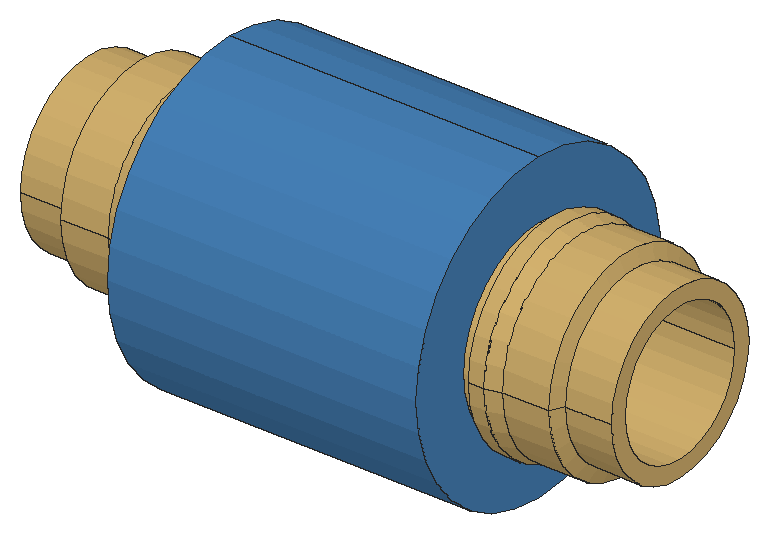
Revit family "qqqq", category Pipe Accessories, Revit 2018
Family settings
  Round Connector Dimension = Use Diameter
  Part Type = Valve - Breaks Into
  OmniClass Number = 23.27.43.00
  OmniClass Title = Pipe Fittings
  Work Plane-Based = No
  Always vertical = Yes
  Cut with Voids When Loaded = No
  Shared = No
Parameters (values of type "D 63")
  Product Material = AIGNEP - Brass - Yellow
  Nominal Diameter = 63.000 mm
  QR code = "https://www.bimobject.com/aignep/product/pneumatic-axial-valve-90740"
  Product url = "https://www.aignep.com/eng/Pipe-fittings-INFINITY/Air-Pipeline-INFINITY-Series/PNEUMATIC-AXIAL-VALVE"
  Product name = "Pneumatic Axial Valve - 90740"
  Product group = "Valves"
  Product family = "INFINITY"
  Product certification = "https://www.aignep.com/eng/Certificazioni/FREE-OF-SILICON"
  Product SKU = "Pneumatic-Axial-Valve-90740"
  OmniClass Description = "Pipe Fittings"
  OmniClass Code = "23-27 43 00"
  Material main = "Aluminium"
  Manufacturer name = "Aignep Spa"
  Manufacturer country = "Italy"
  IFC Classification = "Pipe Fitting"
  F = size_lookup(Lookup Table Name, "F", 0.000 mm, Nominal Diameter)  # 140.300 mm
  E = size_lookup(Lookup Table Name, "E", 0.000 mm, Nominal Diameter)  # 94.000 mm
  Design country = "Italy"
  Description = "Pneumatic axial valve"  # constant formula
  URL = "https://www.aignep.com/"
  Tick Size = Nominal Diameter * 0.8  # 50.400 mm
  Product data url = "https://www.bimobject.com/aignep/product/pneumatic-axial-valve-90740"
  Product Guid = "a1df13ec-476c-4914-803c-121645f64a07"
  Model = "90740"  # constant formula
  Manufacturer = "Aignep Spa"  # constant formula
  Lookup Table Name = "Pneumatic Axial Valve - 90740"
  Keynote = "15410"
  Edition number = 1
  D2 = size_lookup(Lookup Table Name, "D2", 0.000 mm, Nominal Diameter)  # 21.200 mm
  D1 = size_lookup(Lookup Table Name, "D1", 0.000 mm, Nominal Diameter)  # 5.770 mm
  C = size_lookup(Lookup Table Name, "C", 0.000 mm, Nominal Diameter)  # 139.000 mm
  BIMobject category = "Joints"
  B = size_lookup(Lookup Table Name, "B", 0.000 mm, Nominal Diameter)  # 57.500 mm
  A = size_lookup(Lookup Table Name, "A", 0.000 mm, Nominal Diameter)  # 269.000 mm
  Assembly Code = "D2040100"
  Article Code [instance] = size_lookup(Lookup Table Name, "", "", Nominal Diameter)  # "90740 00 006"
Types (5, lengths in mm): name | Nominal Diameter | F | E | Tick Size | D2 | D1 | C | B | A | Article Code
  (no name) | 63.000 | 140.300 | 94.000 | 50.400 | 21.200 | 5.770 | 139.000 | 57.500 | 269.000 | "90740 00 006"
  D 32 | 32.000 | 92.600 | 52.000 | 25.600 | 7.000 | 6.200 | 89.000 | 46.000 | 198.000 | "90740 00 003"
  D 40 | 40.000 | 92.600 | 63.000 | 32.000 | 9.700 | 4.700 | 89.000 | 52.000 | 208.000 | "90740 00 004"
  D 50 | 50.000 | 110.000 | 73.000 | 40.000 | 14.000 | 6.500 | 109.000 | 63.500 | 249.000 | "90740 00 005"
  D 63 | 63.000 | 140.300 | 94.000 | 50.400 | 21.200 | 5.770 | 139.000 | 57.500 | 269.000 | "90740 00 006"
Reference planes
  plane 1 "Center (Front/Back)": y = 0
  plane 2: z = 0
  plane 3 "Center (Left/Right)": x = 0
  plane 4: x = -134.5
  plane 5: x = 134.5
  plane 6: x = -70.15
  plane 7: x = 70.15
  plane 8: z = 47
  plane 9: z = -47
  plane 10: z = 31.5
  plane 11: z = -31.5
  plane 12: x = -113.3
  plane 13: x = 113.3
Forms (mm)
  Sweep 1, solid, material "AIGNEP - Brass - Yellow" <- "Product Material", detail levels fine
    path origin (-0.566, -66.675, -78.003) x (0, -1, 0) y (0, 0, 1)
      loop
        circle (-66.675, 78.003) r 47
    profile origin (-0.566, 0, 47) x (0, 0, -1) y (-1, 0, 0)
      loop
        line (15.5, 133.934) -> (8.1, 133.934) -> (8.1, 112.734) -> (1.796, 110.422) -> (1.796, 89.155) -> (0, 82.452) -> (0, 75.354) -> (15.5, 75.354) -> (15.5, 133.934)
  Sweep 2, solid, material "AIGNEP - Steel - Blue", detail levels fine
    path origin (0, 0, 0) x (1, 0, 0) y (0, 0, 1)
      loop
        line (-70.15, 0) -> (70.15, 0)
    profile origin (0, 0, 0) x (0, 0, 1) y (0, -1, 0)
      loop
        circle (0, 0) r 69.5
  Revolve 3, solid, material "AIGNEP - Brass - Yellow" <- "Product Material", detail levels fine
    sketch origin (0, 0, 0) x (1, 0, 0) y (0, 0, 1)
      loop
        line (-70.15, 0) -> (-70.15, 42.992) -> (-75.92, 42.992) -> (-75.92, 0) -> (-70.15, 0)
      axis (-75.92, 0) -> (-70.15, 0)
    angle from 0 to 360
  Revolve 4, solid, material "AIGNEP - Brass - Yellow" <- "Product Material", detail levels fine
    sketch origin (0, 0, 0) x (-1, 0, 0) y (0, 0, 1)
      loop
        line (-70.15, 0) -> (-70.15, 42.992) -> (-75.92, 42.992) -> (-75.92, 0) -> (-70.15, 0)
      axis (-75.92, 0) -> (-70.15, 0)
    angle from 0 to 360
  Sweep 5, solid, material "AIGNEP - Brass - Yellow" <- "Product Material", detail levels fine
    path origin (0.566, -66.675, -78.003) x (0, -1, 0) y (0, 0, -1)
      loop
        circle (-66.675, -78.003) r 47
    profile origin (0.566, 0, 47) x (0, 0, 1) y (1, 0, 0)
      loop
        line (-15.5, 133.934) -> (-15.5, 75.354) -> (0, 75.354) -> (0, 82.452) -> (-1.796, 89.155) -> (-1.796, 110.422) -> (-8.1, 112.734) -> (-8.1, 133.934) -> (-15.5, 133.934)
  Sweep 6, solid, material "AIGNEP - Brass - Yellow" <- "Product Material", not visible, detail levels fine
    path origin (0, 0, 0) x (1, 0, 0) y (0, 0, 1)
      loop
        line (-77, 0) -> (77, 0)
    profile origin (0, 0, 0) x (0, 0, 1) y (0, -1, 0)
      loop
        circle (0, 0) r 10
Lines and regions (mm)
  model lines, detail levels coarse+medium
    curve 1: line (-77, 50.4, 0) -> (-77, -50.4, 0)
    curve 2: line (77, 50.4, 0) -> (77, -50.4, 0)
    curve 3: line (-77, 50.4, 0) -> (77, -50.4, 0)
    curve 4: line (77, 50.4, 0) -> (-77, -50.4, 0)
Dimensions and locks
  equal spacing: plane 5, plane 3 "Center (Left/Right)", plane 4
  "A": plane 5 to plane 4
  equal spacing: plane 7, plane 3 "Center (Left/Right)", plane 6
  "F": plane 7 to plane 6
  equal spacing: plane 8, plane 2, plane 9
  "E": plane 8 to plane 9
  "D1": plane 6 to Revolve 3 sketch curve
  locked: plane 8 to Revolve 3 sketch curve at 4.008
  locked: plane 8 to Revolve 4 sketch curve at 4.008
  "D1": Revolve 4 sketch curve to Sweep 2
  "D1": plane 6 to Sweep 1 sketch curve
  equal spacing: plane 10, plane 2, plane 11
  "Nominal Diameter": plane 10 to plane 11
  "D2": plane 12 to plane 4
  locked: Sweep 1 sketch curve to plane 12 at 2.313
  locked: plane 8 to Sweep 1 sketch curve at 1.796
  Sweep 1 sketch curve to Sweep 1 sketch curve to Sweep 1 sketch curve = 6.703 mm locked, 7.098 mm locked
  Sweep 5 sketch curve to Sweep 5 sketch curve to Sweep 5 sketch curve = 6.703 mm locked, 7.098 mm locked
  "D1": plane 7 to Sweep 5 sketch curve
  "D2": plane 5 to plane 13
  locked: plane 8 to Sweep 5 sketch curve at 1.796
  locked: plane 13 to Sweep 5 sketch curve at 2.313
  "B": Sweep 6 sketch curve to plane 4
  "B": plane 5 to Sweep 6 sketch curve
  "B": plane 4 to curve 1
  "B": curve 2 to plane 5
  "Tick Size": plane 1 "Center (Front/Back)" to curve 1
  "Tick Size": curve 1 to plane 1 "Center (Front/Back)"
  "Tick Size": plane 1 "Center (Front/Back)" to curve 2
  "Tick Size": curve 2 to plane 1 "Center (Front/Back)"
  "E": diameter of Sweep 1 sketch curve
  "C": diameter of Sweep 2 sketch curve
  "E": diameter of Sweep 5 sketch curve
  aligned and locked: level to plane 2
  aligned and locked: plane 6 to Sweep 2 sketch curve
  aligned and locked: plane 7 to Sweep 2 sketch curve
  aligned and locked: Sweep 2 sketch curve to plane 2
  aligned and locked: Revolve 3 sketch curve to plane 6
  aligned and locked: plane 2 to Revolve 3 sketch curve
  aligned and locked: Revolve 4 sketch curve to plane 7
  aligned and locked: plane 1 "Center (Front/Back)" to Sweep 1 sketch curve
  aligned and locked: plane 4 to Sweep 1 sketch curve
  aligned and locked: plane 2 to Sweep 1 sketch curve
  aligned and locked: plane 8 to Sweep 1 sketch curve
  aligned and locked: Sweep 1 sketch curve to plane 10
  aligned and locked: plane 12 to Sweep 1 sketch curve
  aligned and locked: Sweep 5 sketch curve to plane 10
  aligned and locked: plane 5 to Sweep 5 sketch curve
  aligned and locked: plane 13 to Sweep 5 sketch curve
  aligned and locked: Sweep 6 sketch curve to plane 2
Automatic sketch dimensions
  Sweep 6 sketch curve to plane 1 "Center (Front/Back)" = 0.000 mm
  profile plane to Sweep 6 sketch curve = 0.000 mm
  Sweep 1 sketch curve to Sweep 1 sketch curve = 6.304 mm
  Sweep 2 sketch curve to plane 1 "Center (Front/Back)" = 0.000 mm
  profile plane to Sweep 2 sketch curve = 0.000 mm
  Revolve 3 sketch curve to level = 0.000 mm
  Revolve 3 sketch curve to Revolve 3 sketch curve = 1.600 mm
  Revolve 3 sketch curve to Revolve 3 sketch curve = 11.900 mm
  Revolve 4 sketch curve to level = 0.000 mm  (x2)
  Revolve 4 sketch curve to Revolve 4 sketch curve = 1.600 mm
  Revolve 4 sketch curve to Revolve 4 sketch curve = 11.900 mm
  Sweep 5 sketch curve to level = 0.000 mm
  Sweep 5 sketch curve to plane 1 "Center (Front/Back)" = 0.000 mm
  Sweep 5 sketch curve to profile plane = 0.000 mm
  Sweep 5 sketch curve to Sweep 5 sketch curve = 6.304 mm
  radius of Sweep 6 sketch curve = 10.000 mm
Connectors
  piping at (-77, 0, 0), diameter 63, driven by "Nominal Diameter"
    settings: on Sweep 6, index 1, connector inside diameter 609.600 mm, connector length 0.000 mm, flow factor 0, pipe flow 0.0 L/s, pressure drop 0.0 Pa, fitting loss kfactor 0, connector angle 0.00°, fixture units 0, engagement length 0.000 mm, angle of deflection 0.00°, flow configuration 0, flow direction 1, fitting loss method 0, system type 28, joint type 0, gender type 0, connector reference index -1, connector utility 0, adjustable connector no, is connector primary yes, connector description ""
  piping at (77, 0, 0), diameter 63, driven by "Nominal Diameter"
    settings: on Sweep 6, index 2, connector inside diameter 609.600 mm, connector length 0.000 mm, flow factor 0, pipe flow 0.0 L/s, pressure drop 0.0 Pa, fitting loss kfactor 0, connector angle 0.00°, fixture units 0, engagement length 0.000 mm, angle of deflection 0.00°, flow configuration 0, flow direction 2, fitting loss method 0, system type 28, joint type 0, gender type 0, connector reference index -1, connector utility 0, adjustable connector no, is connector primary no, connector description ""
